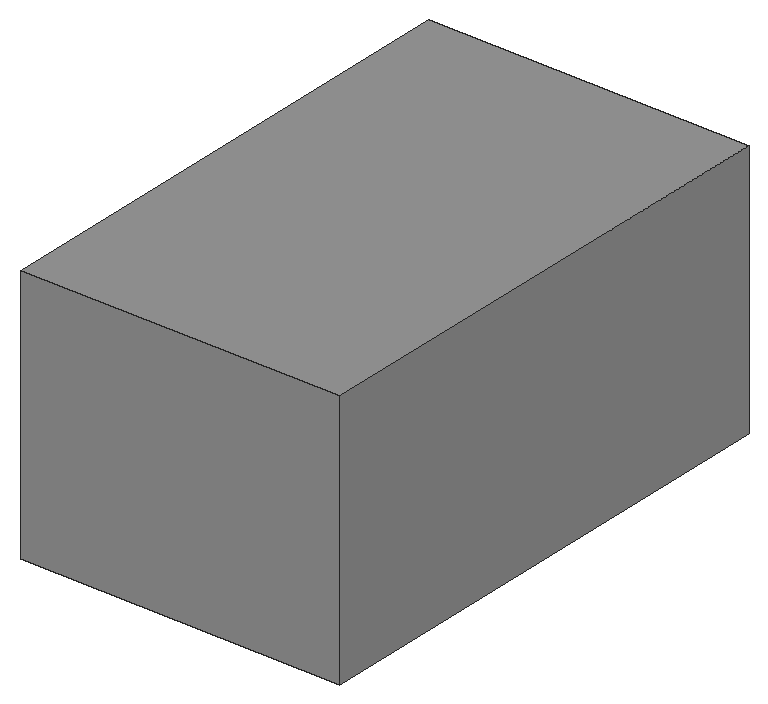
Revit family "Aluminiumleergehäuse,mit beschichtbarer Oberfläche- Mx 161008 CR3", category Generic Models, Revit 2017
Family settings
  Can host rebar = No
  Round Connector Dimension = Use Diameter
  Part Type = Normal
  Work Plane-Based = No
  Always vertical = Yes
  Cut with Voids When Loaded = No
  Shared = No
  Room Calculation Point = No
Parameters (values of type "Mx 161008 CR3")
  Width 1 = Width / 2  # 50 mm
  Width = 100 mm
  URL = "http://www.obo-bettermann.com"
  Material = Cast aluminium
  Manufacturer Art.No. = "2011389"
  Manufacturer = "OBO Bettermann"
  Length = 160 mm
  Height = 81 mm
  GTIN = "4012196622665"
  Article Type = "Mx 161008 CR3"
Reference planes
  plane 1 "Center (Front/Back)": y = 0
  plane 2: z = 0
  plane 3 "Center (Left/Right)": x = 0
Forms (mm)
  Extrusion 1, solid, material "Cast aluminium" <- "Material"
    sketch origin (0, 0, 0) x (1, 0, 0) y (0, 0, 1)
      loop
        line (-50, 81) -> (-50, 0) -> (50, 0) -> (50, 81) -> (-50, 81)
    from -160 to 0
Dimensions and locks
  "Width": Extrusion 1 sketch curve to Extrusion 1 sketch curve
  "Width 1": plane 3 "Center (Left/Right)" to Extrusion 1 sketch curve
  Extrusion 1 sketch curve to plane 3 "Center (Left/Right)" = 50 mm
  "Height": Extrusion 1 sketch curve to Extrusion 1 sketch curve
  "Length": Extrusion 1 to Extrusion 1
  aligned and locked: level to plane 2
  aligned and locked: Extrusion 1 to level
  aligned and locked: plane 1 "Center (Front/Back)" to Extrusion 1
Automatic sketch dimensions
  Extrusion 1 sketch curve to level = 0 mm
